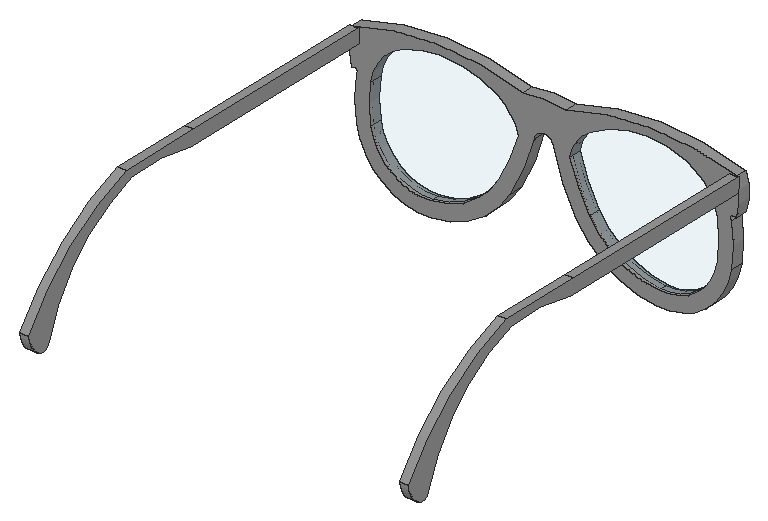
Revit family "eyeglasses", category Furniture, Revit 2020
Family settings
  OmniClass Number = 23.40.20.00
  OmniClass Title = General Furniture and Specialties
  Work Plane-Based = No
  Always vertical = Yes
  Cut with Voids When Loaded = No
  Shared = No
  Room Calculation Point = No
Parameters
  Default Elevation = 0 mm
Reference planes
  plane 1 "Center (Front/Back)": y = 0
  plane 2: z = 0
  plane 3 "Center (Left/Right)": x = 0
Forms (mm)
  Extrusion 1, solid, material "htjjjy"
    sketch origin (0, 0, 0) x (1, 0, 0) y (0, 0, 1)
      loop
        arc (-7.453, 49) -> (-36.358, 53.67) -> (-65.263, 49) r 91.792
        arc (-65.263, 49) -> (-66.227, 42.747) -> (-65.263, 36.494) r 20.75
        arc (-65.263, 36.494) -> (-63.766, 36.494) -> (-63.766, 34.998) r 1.058
        arc (-63.766, 34.998) -> (-64.356, 27.498) -> (-63.766, 19.998) r 48.026
        arc (-63.766, 19.998) -> (-54.909, 4.956) -> (-38.17, 0) r 23.807
        arc (-38.17, 0) -> (-22.665, 5.19) -> (-11.203, 16.851) r 35.04
        arc (-11.203, 16.851) -> (-6.468, 26.345) -> (-3.28, 36.463) r 67.492
        arc (-3.28, 36.463) -> (0, 39.072) -> (3.28, 36.463) r 3.366
        arc (3.28, 36.463) -> (6.468, 26.345) -> (11.203, 16.851) r 67.492
        arc (11.203, 16.851) -> (22.665, 5.19) -> (38.17, 0) r 35.04
        arc (38.17, 0) -> (54.909, 4.956) -> (63.766, 19.998) r 23.807
        arc (63.766, 19.998) -> (64.356, 27.498) -> (63.766, 34.998) r 48.026
        arc (63.766, 34.998) -> (63.766, 36.494) -> (65.263, 36.494) r 1.058
        arc (65.263, 36.494) -> (66.227, 42.747) -> (65.263, 49) r 20.75
        arc (65.263, 49) -> (36.358, 53.67) -> (7.453, 49) r 91.792
        arc (7.453, 49) -> (0, 49.761) -> (-7.453, 49) r 36.868
      loop
        arc (-58.828, 20.779) -> (-51.83, 8.896) -> (-38.607, 4.981) r 18.807
        arc (-38.607, 4.981) -> (-25.315, 9.43) -> (-15.488, 19.427) r 30.04
        arc (-15.488, 19.427) -> (-11.583, 27.065) -> (-8.761, 35.165) r 62.492
        arc (-8.761, 35.165) -> (-11.268, 40.943) -> (-15.84, 45.275) r 15.727
        arc (-15.84, 45.275) -> (-31.657, 50.49) -> (-48.105, 47.871) r 35.291
        arc (-48.105, 47.871) -> (-55.242, 42.439) -> (-58.828, 34.217) r 17.816
        arc (-58.828, 34.217) -> (-59.356, 27.498) -> (-58.828, 20.779) r 43.026
      loop
        arc (58.828, 20.779) -> (59.356, 27.498) -> (58.828, 34.217) r 43.026
        arc (58.828, 34.217) -> (55.242, 42.439) -> (48.105, 47.871) r 17.816
        arc (48.105, 47.871) -> (31.657, 50.49) -> (15.84, 45.275) r 35.291
        arc (15.84, 45.275) -> (11.268, 40.943) -> (8.761, 35.165) r 15.727
        arc (8.761, 35.165) -> (11.583, 27.065) -> (15.488, 19.427) r 62.492
        arc (15.488, 19.427) -> (25.315, 9.43) -> (38.607, 4.981) r 30.04
        arc (38.607, 4.981) -> (51.83, 8.896) -> (58.828, 20.779) r 18.807
    from 0 to 4
  Extrusion 2, solid, material "Glass"
    sketch origin (0, 0, 0) x (1, 0, 0) y (0, 0, 1)
      loop
        arc (-48.105, 47.871) -> (-55.242, 42.439) -> (-58.828, 34.217) r 17.816
        arc (-58.828, 34.217) -> (-59.356, 27.498) -> (-58.828, 20.779) r 43.026
        arc (-58.828, 20.779) -> (-51.83, 8.896) -> (-38.607, 4.981) r 18.807
        arc (-38.607, 4.981) -> (-25.315, 9.43) -> (-15.488, 19.427) r 30.04
        arc (-15.488, 19.427) -> (-11.583, 27.065) -> (-8.761, 35.165) r 62.492
        arc (-8.761, 35.165) -> (-11.268, 40.943) -> (-15.84, 45.275) r 15.727
        arc (-15.84, 45.275) -> (-31.657, 50.49) -> (-48.105, 47.871) r 35.291
      loop
        arc (48.105, 47.871) -> (31.657, 50.49) -> (15.84, 45.275) r 35.291
        arc (15.84, 45.275) -> (11.268, 40.943) -> (8.761, 35.165) r 15.727
        arc (8.761, 35.165) -> (11.583, 27.065) -> (15.488, 19.427) r 62.492
        arc (15.488, 19.427) -> (25.315, 9.43) -> (38.607, 4.981) r 30.04
        arc (38.607, 4.981) -> (51.83, 8.896) -> (58.828, 20.779) r 18.807
        arc (58.828, 20.779) -> (59.356, 27.498) -> (58.828, 34.217) r 43.026
        arc (58.828, 34.217) -> (55.242, 42.439) -> (48.105, 47.871) r 17.816
    from 1 to 3
  Extrusion 3, solid, material "htjjjy"
    sketch origin (0, 0, -4.67) x (0, 1, 0) y (0, 0, 1)
      loop
        line (-4, 53.67) -> (-74, 53.67) -> (-102.526, 53.67)
        arc (-102.526, 53.67) -> (-126.128, 41.135) -> (-144, 21.267) r 76.742
        arc (-144, 21.267) -> (-142.593, 16.863) -> (-138.894, 14.09) r 7.597
        arc (-138.894, 14.09) -> (-136.979, 14.31) -> (-135.778, 15.817) r 2.524
        arc (-135.778, 15.817) -> (-122.415, 37.691) -> (-100.355, 50.744) r 53.04
        arc (-100.355, 50.744) -> (-87.806, 51.005) -> (-75.416, 49) r 69.338
        line (-75.416, 49) -> (-4, 49) -> (-4, 53.67)
    from -66 to -63
  Extrusion 4, solid, material "htjjjy"
    sketch origin (0, 0, -4.67) x (0, 1, 0) y (0, 0, -1)
      loop
        line (-4, -53.67) -> (-4, -49) -> (-75.416, -49)
        arc (-75.416, -49) -> (-87.806, -51.005) -> (-100.355, -50.744) r 69.338
        arc (-100.355, -50.744) -> (-122.415, -37.691) -> (-135.778, -15.817) r 53.04
        arc (-135.778, -15.817) -> (-136.979, -14.31) -> (-138.894, -14.09) r 2.524
        arc (-138.894, -14.09) -> (-142.593, -16.863) -> (-144, -21.267) r 7.597
        arc (-144, -21.267) -> (-126.128, -41.135) -> (-102.526, -53.67) r 76.742
        line (-102.526, -53.67) -> (-74, -53.67) -> (-4, -53.67)
    from -66 to -63
Dimensions and locks
  aligned and locked: level to plane 2
